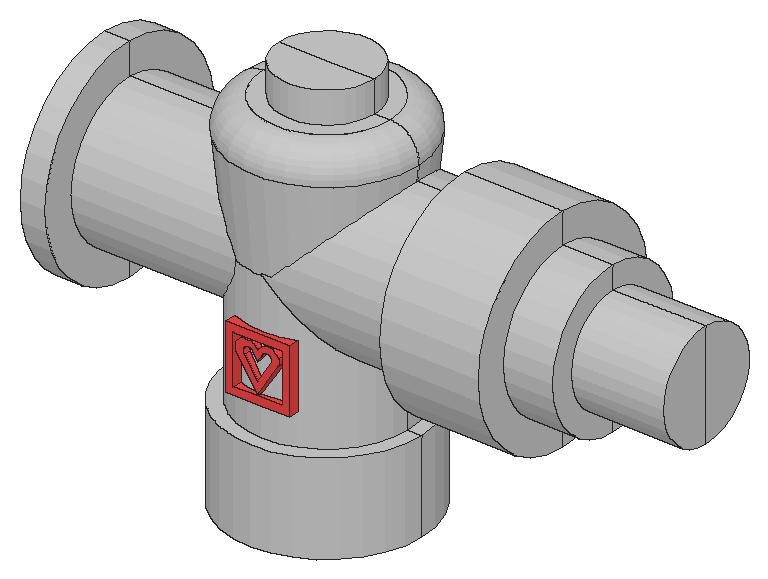
Revit family "HERZ-TS-98-VH Thermostatic Valve Reverse Angle Model 7628", category Rohrzubehör, Revit 2019
Family settings
  Bemaßung runder Anschluss = Durchmesser verwenden
  Teiletyp = Unterbricht
  OmniClass-Nummer = 23.65.55.14
  OmniClass-Titel = Valves for Liquid Services
  Arbeitsebenenbasiert = Nein
  Immer vertikal = Ja
  Beim Laden mit Abzugskörper schneiden = Nein
  Gemeinsam genutzt = Nein
Parameters
  URL = "www.herzvalves.com"
  Screw cap = "plastic, light grey"  # constant formula
  SCRNSEQ = "ARM;ARM_TYP=\"ALLF\";2"
  SCRNCODE = "05;00;02"  # constant formula
  S02 = L06 + L07 - L03  # 26.800 mm
  S01 = 10.000 mm  # constant formula
  R06 = 4.000 mm  # constant formula
  R05 = 13.500 mm  # constant formula
  R04 = 11.500 mm  # constant formula
  R03 = 9.000 mm  # constant formula
  R02 = 6.750 mm  # constant formula
  R01 = 7.000 mm  # constant formula
  Part number = 1762826  # constant formula
  Nennweite = 15.000 mm  # constant formula
  Model = "All models are nickel plated and supplied with a light gray screw cap."
  Medium = "Heating water purity according to Austrian standard ÖNORM H 5195 and/or VDI-guideline 2035."
  Max. operating temperature = 110 °C  # constant formula
  Max. operating pressure = 1000000.0 Pa  # constant formula
  LO1 = 16.000 mm  # constant formula
  L11 = L01 - L05  # 28.000 mm
  L10 = 7.500 mm  # constant formula
  L09 = 19.500 mm  # constant formula
  L08 = 13.200 mm  # constant formula
  L07 = 20.300 mm  # constant formula
  L06 = 14.000 mm  # constant formula
  L05 = 3.500 mm  # constant formula
  L04 = 28.000 mm  # constant formula
  L03 = 7.500 mm  # constant formula
  L02 = 27.000 mm  # constant formula
  L01 = 31.500 mm  # constant formula
  Hersteller = "HERZ Armaturen Ges.m.b.H."  # constant formula
  H04 = 12.900 mm  # constant formula
  H03 = 4.400 mm  # constant formula
  H02 = 22.350 mm  # constant formula
  H01 = 33.500 mm  # constant formula
  GT = 9.500 mm  # constant formula
  G2 = Nennweite / 2  # 7.500 mm
  G1 = Nennweite / 2  # 7.500 mm
  D08 = 5.300 mm  # constant formula
  D07 = 17.100 mm  # constant formula
  D06 = 10.650 mm  # constant formula
  D05 = 15.000 mm  # constant formula
  D04 = 9.525 mm  # constant formula
  D03 = 11.500 mm  # constant formula
  D02 = 10.500 mm  # constant formula
  D01 = 15.000 mm  # constant formula
  Connection thread for thermostatic head = "M30x1.5"  # constant formula
  Body = "nickel plated"  # constant formula
  Application = "Water heating systems in which hydraulic balancing via return valves is not possible or not desired"
Reference planes
  plane 1 "Mitte (Vorne/hinten)": y = 0
  plane 2: z = 0
  plane 3 "Mitte (Links/rechts)": x = 0
Forms (mm)
  Revolve 1, solid, material "Messing, weicher Gelbton, geschweißt", detail levels fine
    sketch origin (0, 0, 0) x (1, 0, 0) y (0, 0, 1)
      loop
        line (27, 0) -> (27, 9.525) -> (19.5, 9.525) -> (19.5, 11.5) -> (0, 11.5) -> (0, 10.5) -> (-28, 10.5) -> (-28, 15) -> (-31.5, 15) -> (-31.5, 0) -> (27, 0)
      axis (-31.5, 0) -> (27, 0)
    angle from 0 to 360
  Revolve 2, solid, material "Messing, weicher Gelbton, geschweißt", detail levels fine
    sketch origin (0, 0, 0) x (1, 0, 0) y (0, 0, 1)
      loop
        line (27, 0) -> (53.8, 0) -> (53.8, 7.5) -> (40.6, 7.5) -> (40.6, 10.65) -> (33.5, 10.65) -> (33.5, 15) -> (19.5, 15) -> (19.5, 9.525) -> (27, 9.525) -> (27, 0)
      axis (19.5, 0) -> (53.8, 0)
    angle from 0 to 360
  Revolve 3, solid, material "Messing, weicher Gelbton, geschweißt", detail levels fine
    sketch origin (0, 0, 0) x (1, 0, 0) y (0, 0, 1)
      loop
        line (0, 22.35) -> (0, -24) -> (7.5, -24) -> (7.5, -33.5) -> (13.5, -33.5) -> (13.5, -20.6) -> (11.5, -20.6) -> (11.5, 0) -> (12.969, 13.456)
        arc (12.969, 13.456) -> (11.998, 16.598) -> (9, 17.95) r 4
        line (9, 17.95) -> (6.75, 17.95) -> (6.75, 22.35) -> (0, 22.35)
      axis (0, 22.35) -> (0, -33.5)
    angle from 0 to 360
Lines and regions (mm)
  model lines, detail levels coarse+medium
    curve 1: line (0, 0, 0) -> (-13.5, 0, -33.5)
    curve 2: line (-13.5, 0, -33.5) -> (13.5, 0, -33.5)
    curve 3: line (13.5, 0, -33.5) -> (0, 0, 0)
    curve 4: line (0, 0, 0) -> (27, 0, 15)
    curve 5: line (27, 0, 15) -> (27, 0, -15)
    curve 6: line (27, 0, -15) -> (0, 0, 0)
    curve 7: line (0, 0, 0) -> (-31.5, 0, 0)
    curve 8: line (27, 0, 15) -> (37, 0, 15)
    curve 9: line (37, 0, 15) -> (27, 0, 0)
    curve 10: line (27, 0, -15) -> (37, 0, -15)
    curve 11: line (37, 0, -15) -> (27, 0, 0)
    curve 12: line (27, 0, 0) -> (53.8, 0, 0)
    curve 13: line (0, 0, 0) -> (-13.5, -33.5, 0)
    curve 14: line (-13.5, -33.5, 0) -> (13.5, -33.5, 0)
    curve 15: line (13.5, -33.5, 0) -> (0, 0, 0)
    curve 16: line (0, 0, 0) -> (27, 15, 0)
    curve 17: line (27, 15, 0) -> (27, -15, 0)
    curve 18: line (27, -15, 0) -> (0, 0, 0)
    curve 19: line (27, 15, 0) -> (37, 15, 0)
    curve 20: line (37, 15, 0) -> (27, 0, 0)
    curve 21: line (27, -15, 0) -> (37, -15, 0)
    curve 22: line (37, -15, 0) -> (27, 0, 0)
Dimensions and locks
  "D01": Revolve 1 sketch curve to Revolve 1 sketch curve
  "L05": Revolve 1 sketch curve to Revolve 1 sketch curve
  "D02": Revolve 1 sketch curve to Revolve 1 sketch curve
  "L01": plane 3 "Mitte (Links/rechts)" to Revolve 1 sketch curve
  "L02": plane 3 "Mitte (Links/rechts)" to Revolve 1 sketch curve
  "D03": Revolve 1 sketch curve to Revolve 1 sketch curve
  "D04": Revolve 1 sketch curve to Revolve 1 sketch curve
  "L04": Revolve 1 sketch curve to Revolve 1 sketch curve
  "L03": Revolve 1 sketch curve to Revolve 1 sketch curve
  "L06": Revolve 2 sketch curve to Revolve 2 sketch curve
  "L03": Revolve 2 sketch curve to Revolve 1
  "L02": Revolve 2 sketch curve to plane 3 "Mitte (Links/rechts)"
  "L07": Revolve 2 sketch curve to Revolve 2 sketch curve
  "L08": Revolve 2 sketch curve to Revolve 2 sketch curve
  "D04": Revolve 2 sketch curve to Revolve 2 sketch curve
  "D05": Revolve 2 sketch curve to Revolve 2 sketch curve
  "G2": Revolve 2 sketch curve to Revolve 2 sketch curve
  "D06": Revolve 2 sketch curve to Revolve 2 sketch curve
  "H01": plane 2 to Revolve 3 sketch curve
  "H02": Revolve 3 sketch curve to plane 2
  "R02": Revolve 3 sketch curve to Revolve 3 sketch curve
  "H03": Revolve 3 sketch curve to Revolve 3 sketch curve
  "H04": Revolve 3 sketch curve to Revolve 3 sketch curve
  "R05": Revolve 3 sketch curve to Revolve 3 sketch curve
  "R04": Revolve 3 sketch curve to Revolve 3 sketch curve
  "R03": Revolve 3 sketch curve to plane 3 "Mitte (Links/rechts)"
  "GT": Revolve 3 sketch curve to Revolve 3 sketch curve
  "G1": Revolve 3 sketch curve to Revolve 3 sketch curve
  "H01": plane 2 to curve 2
  "R05": curve 3 to plane 3 "Mitte (Links/rechts)" to curve 2
  "L02": curve 5 to plane 3 "Mitte (Links/rechts)"
  "D05": curve 8 to plane 2 to curve 10
  "S01": curve 5 to curve 9
  "S02": curve 12 to curve 12
  "L01": curve 7 to curve 7
  "H01": curve 14 to plane 1 "Mitte (Vorne/hinten)"
  "R05": curve 14 to plane 3 "Mitte (Links/rechts)" to curve 15
  "L02": plane 3 "Mitte (Links/rechts)" to curve 17
  "S01": curve 17 to curve 20
  "S01": curve 5 to curve 11
  "S01": curve 17 to curve 22
  "D05": curve 21 to plane 1 "Mitte (Vorne/hinten)" to curve 19
  "R04": nested 1 to plane 1 "Mitte (Vorne/hinten)"
  "LO1": plane 2 to nested 1
  "R06": radius of Revolve 3 sketch curve
  aligned and locked: level to plane 2
Automatic sketch dimensions
  curve 7 to level = 0.000 mm
  curve 1 to plane 3 "Mitte (Links/rechts)" = 0.000 mm
  curve 11 to level = 0.000 mm
  plane 1 "Mitte (Vorne/hinten)" to curve 13 = 0.000 mm
  curve 13 to plane 3 "Mitte (Links/rechts)" = 0.000 mm
  plane 1 "Mitte (Vorne/hinten)" to curve 20 = 0.000 mm
  Revolve 1 sketch curve to level = 0.000 mm  (x2)
  Revolve 1 sketch curve to Revolve 1 sketch curve = 1475.030 mm
  Revolve 1 sketch curve to Revolve 1 sketch curve = 1812.148 mm
  Revolve 2 sketch curve to level = 0.000 mm  (x2)
  Revolve 2 sketch curve to plane 3 "Mitte (Links/rechts)" = 1506.530 mm
  Revolve 2 sketch curve to Revolve 2 sketch curve = 1785.348 mm
  Revolve 3 sketch curve to plane 3 "Mitte (Links/rechts)" = 0.000 mm  (x2)
  Revolve 3 sketch curve to level = 0.000 mm
  Revolve 3 sketch curve to Revolve 3 sketch curve = 3.969 mm
  Revolve 3 sketch curve to Revolve 3 sketch curve = 332.545 mm
  Revolve 3 sketch curve to Revolve 3 sketch curve = 2191.965 mm
Nested families
  nested 1: "Herz-Logo-vorne" at (0, -11.5, -11.5) x (0, 1, 0) z (0, 0, 1), type "Herz-Logo-vorne"
Connectors
  piping at (53.8, 0, 0), diameter 15, driven by "Nennweite"
    settings: on Revolve 2, index 1, connector inside diameter 609.6 mm, connector length 0.000 mm, flow factor 0, pipe flow 0.0 L/s, pressure drop 0.0 Pa, fitting loss kfactor 0, connector angle 0.00°, fixture units 0, engagement length 0.000 mm, angle of deflection 0.00°, flow configuration 0, flow direction 2, fitting loss method 0, system type 7, joint type 0, gender type 0, connector reference index -1, connector utility 0, adjustable connector no, is connector primary yes, connector description ""
  piping at (0, 0, -24), diameter 15, driven by "Nennweite"
    settings: on Revolve 3, index 5, connector inside diameter 609.6 mm, connector length 0.000 mm, flow factor 0, pipe flow 0.0 L/s, pressure drop 0.0 Pa, fitting loss kfactor 0, connector angle 0.00°, fixture units 0, engagement length 0.000 mm, angle of deflection 0.00°, flow configuration 0, flow direction 1, fitting loss method 0, system type 7, joint type 0, gender type 0, connector reference index -1, connector utility 0, adjustable connector no, is connector primary no, connector description ""
Definition of nested family "Herz-Logo-vorne"
  Reference planes
    plane 1 "Mitte (Vorne/hinten)": y = 0
    plane 2: z = 0
    plane 3 "Mitte (Links/rechts)": x = 0
  Forms (mm)
    Extrusion 1, solid
      sketch origin (0.732, -0.018, 0.017) x (0, -1, 0) y (0, 0, 1)
        loop
          line (-0.018, -4.517) -> (4.482, -4.517) -> (4.482, 4.483) -> (-4.518, 4.483) -> (-4.518, -4.517) -> (-0.018, -4.517)
        loop
          line (-0.05, -3.48) -> (3.482, -3.48) -> (3.482, 3.483) -> (-3.518, 3.483) -> (-3.518, -3.48) -> (-0.05, -3.48)
        loop
          arc (-0.018, 2.383) -> (-1.543, 3.287) -> (-3.067, 2.383) r 1.738
          arc (-3.067, 2.383) -> (-3.191, 1.899) -> (-3.067, 1.415) r 1.009
          line (-3.067, 1.415) -> (-0.018, -3.281) -> (3.032, 1.415)
          arc (3.032, 1.415) -> (3.156, 1.899) -> (3.032, 2.383) r 1.009
          arc (3.032, 2.383) -> (1.507, 3.287) -> (-0.018, 2.383) r 1.738
        loop
          arc (1.885, 1.272) -> (2.005, 1.675) -> (1.885, 2.079) r 0.74
          arc (1.885, 2.079) -> (1.265, 2.416) -> (0.644, 2.079) r 0.74
          line (0.644, 2.079) -> (-0.018, 0.97) -> (-0.679, 2.079)
          arc (-0.679, 2.079) -> (-1.3, 2.416) -> (-1.921, 2.079) r 0.74
          arc (-1.921, 2.079) -> (-2.04, 1.675) -> (-1.921, 1.272) r 0.74
          line (-1.921, 1.272) -> (-0.018, -1.658) -> (1.885, 1.272)
      from 0 to 1.5
  Dimensions and locks
    aligned and locked: level to plane 2
